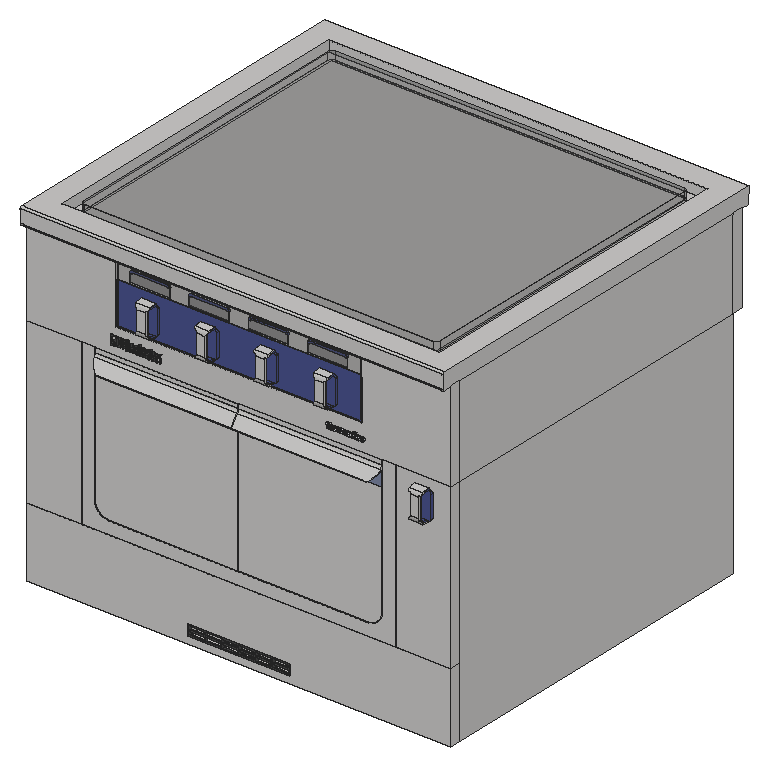
Revit family "QF_ELECTROLUXPROFESSIONAL_589674_MCIQFAJ4AO", category Attrezzature speciali, Revit 2020 (continued)
Definition of nested family "Front_Panel_W1000_4 Knobs"
  Definition of nested family "ELX_Professional_Logo_Small"
    Forms (mm)
      Extrusion 2, solid, material <- "Material_Logo"
        sketch origin (15.5, 0, 0) x (1, 0, 0) y (0, 1, 0)
          loop
            spline (-4.441, -1.243) -> (-4.659, -1.247) -> (-4.894, -1.23) -> (-5.137, -1.19) -> (-5.384, -1.121) -> (-5.628, -1.021) -> (-5.864, -0.884) -> (-6.084, -0.708) -> (-6.283, -0.488) -> (-6.454, -0.219) -> (-6.592, 0.101) -> (-6.69, 0.478) -> (-6.742, 0.914)
            line (-6.742, 0.914) -> (-6.742, 4.587) -> (-4.487, 4.587) -> (-4.487, 6.838) -> (-6.738, 6.838) -> (-6.738, 10.824) -> (-9.217, 10.824) -> (-9.217, 0.773)
            spline (-9.217, 0.773) -> (-9.164, 0.19) -> (-9.068, -0.358) -> (-8.928, -0.87) -> (-8.742, -1.343) -> (-8.511, -1.777) -> (-8.232, -2.168) -> (-7.904, -2.515) -> (-7.527, -2.816) -> (-7.098, -3.069) -> (-6.618, -3.273) -> (-6.084, -3.426) -> (-5.496, -3.525)
            line (-5.496, -3.525) -> (-4.45, -3.573) -> (-4.441, -1.243)
          loop
            spline (3.898, 6.983) -> (3.469, 7.009) -> (3.056, 7.001) -> (2.661, 6.961) -> (2.283, 6.888) -> (1.925, 6.785) -> (1.588, 6.652) -> (1.272, 6.49) -> (0.979, 6.301) -> (0.71, 6.085) -> (0.465, 5.844) -> (0.247, 5.578) -> (0.056, 5.289)
            line (0.056, 5.289) -> (0.056, 6.838) -> (-2.402, 6.838) -> (-2.402, -3.572) -> (0.056, -3.572) -> (0.056, 1.901)
            spline (0.056, 1.901) -> (0.079, 2.316) -> (0.145, 2.703) -> (0.254, 3.06) -> (0.404, 3.386) -> (0.592, 3.679) -> (0.818, 3.938) -> (1.08, 4.162) -> (1.375, 4.348) -> (1.703, 4.495) -> (2.062, 4.602) -> (2.45, 4.668) -> (2.865, 4.69)
            line (2.865, 4.69) -> (3.898, 4.586) -> (3.898, 6.983)
          loop
            spline (15.638, 1.633) -> (15.586, 2.396) -> (15.435, 3.124) -> (15.192, 3.81) -> (14.863, 4.449) -> (14.455, 5.034) -> (13.975, 5.56) -> (13.43, 6.021) -> (12.826, 6.411) -> (12.17, 6.724) -> (11.469, 6.955) -> (10.729, 7.098) -> (9.958, 7.147)
            spline (9.958, 7.147) -> (9.182, 7.098) -> (8.44, 6.955) -> (7.737, 6.724) -> (7.081, 6.411) -> (6.477, 6.021) -> (5.933, 5.56) -> (5.454, 5.034) -> (5.048, 4.449) -> (4.721, 3.81) -> (4.479, 3.124) -> (4.329, 2.396) -> (4.277, 1.633)
            spline (4.277, 1.633) -> (4.329, 0.869) -> (4.479, 0.141) -> (4.721, -0.544) -> (5.048, -1.183) -> (5.454, -1.768) -> (5.933, -2.294) -> (6.477, -2.755) -> (7.081, -3.145) -> (7.737, -3.459) -> (8.44, -3.69) -> (9.182, -3.833) -> (9.958, -3.882)
            spline (9.958, -3.882) -> (10.729, -3.833) -> (11.469, -3.69) -> (12.17, -3.459) -> (12.826, -3.145) -> (13.43, -2.755) -> (13.975, -2.294) -> (14.455, -1.768) -> (14.863, -1.183) -> (15.192, -0.544) -> (15.435, 0.141) -> (15.586, 0.869) -> (15.638, 1.633)
          loop
            spline (13.18, 1.633) -> (13.151, 2.083) -> (13.067, 2.513) -> (12.932, 2.918) -> (12.748, 3.296) -> (12.52, 3.642) -> (12.251, 3.954) -> (11.943, 4.227) -> (11.601, 4.459) -> (11.228, 4.645) -> (10.828, 4.782) -> (10.403, 4.867) -> (9.958, 4.896)
            spline (9.958, 4.896) -> (9.509, 4.867) -> (9.081, 4.782) -> (8.679, 4.645) -> (8.306, 4.459) -> (7.964, 4.227) -> (7.658, 3.954) -> (7.39, 3.642) -> (7.163, 3.296) -> (6.981, 2.918) -> (6.847, 2.513) -> (6.765, 2.083) -> (6.736, 1.633)
            spline (6.736, 1.633) -> (6.765, 1.182) -> (6.847, 0.753) -> (6.981, 0.347) -> (7.163, -0.031) -> (7.39, -0.377) -> (7.658, -0.689) -> (7.964, -0.962) -> (8.306, -1.193) -> (8.679, -1.38) -> (9.081, -1.517) -> (9.509, -1.602) -> (9.958, -1.631)
            spline (9.958, -1.631) -> (10.403, -1.602) -> (10.828, -1.517) -> (11.228, -1.38) -> (11.601, -1.193) -> (11.943, -0.962) -> (12.251, -0.689) -> (12.52, -0.377) -> (12.748, -0.031) -> (12.932, 0.347) -> (13.067, 0.753) -> (13.151, 1.182) -> (13.18, 1.633)
          loop
            line (17.162, 4.269) -> (17.162, -3.573) -> (19.642, -3.573) -> (19.642, 10.824) -> (17.162, 10.824) -> (17.162, 4.269)
          loop
            line (28.581, 6.838) -> (28.581, 0.786)
            spline (28.581, 0.786) -> (28.561, 0.393) -> (28.503, 0.038) -> (28.409, -0.279) -> (28.281, -0.559) -> (28.122, -0.802) -> (27.933, -1.011) -> (27.717, -1.185) -> (27.476, -1.325) -> (27.213, -1.433) -> (26.929, -1.509) -> (26.626, -1.554) -> (26.308, -1.569)
            spline (26.308, -1.569) -> (25.99, -1.554) -> (25.688, -1.509) -> (25.404, -1.434) -> (25.141, -1.326) -> (24.9, -1.187) -> (24.684, -1.014) -> (24.496, -0.807) -> (24.336, -0.565) -> (24.209, -0.288) -> (24.115, 0.026) -> (24.057, 0.376) -> (24.037, 0.765)
            line (24.037, 0.765) -> (24.037, 6.838) -> (21.537, 6.838) -> (21.537, 0.558)
            spline (21.537, 0.558) -> (21.581, -0.153) -> (21.71, -0.8) -> (21.916, -1.384) -> (22.195, -1.904) -> (22.54, -2.362) -> (22.944, -2.757) -> (23.403, -3.09) -> (23.909, -3.362) -> (24.456, -3.572) -> (25.04, -3.722) -> (25.652, -3.811) -> (26.288, -3.841)
            spline (26.288, -3.841) -> (26.929, -3.811) -> (27.547, -3.72) -> (28.135, -3.568) -> (28.687, -3.355) -> (29.197, -3.079) -> (29.66, -2.741) -> (30.068, -2.341) -> (30.415, -1.877) -> (30.696, -1.349) -> (30.905, -0.757) -> (31.034, -0.101) -> (31.079, 0.621)
            line (31.079, 0.621) -> (31.079, 6.838) -> (28.581, 6.838)
          loop
            line (40.457, -0.243) -> (38.894, 1.942) -> (40.83, 4.579) -> (42.488, 6.837) -> (39.782, 6.837) -> (37.53, 3.719) -> (35.258, 6.837) -> (32.573, 6.837) -> (34.113, 4.731) -> (36.167, 1.922) -> (34.014, -1.076) -> (32.222, -3.573) -> (34.887, -3.573) -> (37.53, 0.104) -> (40.174, -3.573) -> (42.839, -3.573) -> (40.457, -0.243)
          loop
            line (-46.121, -5.837) -> (-48.039, -5.837) -> (-48.039, -10.814) -> (-47.016, -10.814) -> (-47.016, -9.128) -> (-46.121, -9.128)
            arc (-46.121, -9.128) -> (-44.476, -7.482) -> (-46.121, -5.837) r 1.645
          loop
            line (-46.163, -6.778) -> (-47.016, -6.778) -> (-47.016, -8.187) -> (-46.163, -8.187)
            arc (-46.163, -8.187) -> (-45.458, -7.482) -> (-46.163, -6.778) r 0.704
          loop
            line (-38.313, -5.837) -> (-40.265, -5.837) -> (-40.265, -10.814) -> (-39.241, -10.814) -> (-39.241, -9.1) -> (-38.46, -9.182) -> (-37.48, -10.814) -> (-36.318, -10.814) -> (-37.513, -8.848)
            arc (-37.513, -8.848) -> (-36.888, -8.266) -> (-36.671, -7.441) r 1.536
            arc (-36.671, -7.441) -> (-37.165, -6.305) -> (-38.313, -5.837) r 1.643
          loop
            arc (-38.402, -8.166) -> (-37.707, -7.505) -> (-38.334, -6.778) r 0.696
            line (-38.334, -6.778) -> (-39.241, -6.778) -> (-39.241, -8.166) -> (-38.402, -8.166)
          loop
            circle (-29.965, -8.325) r 2.585
          loop
            circle (-29.965, -8.325) r 1.64
          loop
            line (-23.1, -5.837) -> (-23.1, -10.814) -> (-22.076, -10.814) -> (-22.076, -8.768) -> (-20.204, -8.768) -> (-20.204, -7.828) -> (-22.076, -7.828) -> (-22.076, -6.778) -> (-20.024, -6.778) -> (-20.024, -5.837) -> (-23.1, -5.837)
          loop
            line (-15.802, -5.837) -> (-15.802, -9.2)
            arc (-15.802, -9.2) -> (-15.343, -10.34) -> (-14.209, -10.814) r 1.593
            line (-14.209, -10.814) -> (-12.602, -10.814) -> (-12.602, -10.027) -> (-14.004, -10.027)
            arc (-14.004, -10.027) -> (-14.552, -9.8) -> (-14.779, -9.252) r 0.775
            line (-14.779, -9.252) -> (-14.779, -8.424) -> (-12.789, -8.424) -> (-12.789, -7.642) -> (-14.779, -7.642) -> (-14.779, -6.778) -> (-12.651, -6.778) -> (-12.651, -5.837) -> (-15.802, -5.837)
          loop
            line (-5.909, -7.143) -> (-5.173, -6.638)
            arc (-5.173, -6.638) -> (-5.855, -5.974) -> (-6.781, -5.755) r 1.782
            arc (-6.781, -5.755) -> (-7.397, -5.878) -> (-7.944, -6.189) r 1.974
            arc (-7.944, -6.189) -> (-8.202, -6.5) -> (-8.317, -6.888) r 1.013
            arc (-8.317, -6.888) -> (-8.306, -7.341) -> (-8.192, -7.78) r 1.985
            arc (-8.192, -7.78) -> (-7.749, -8.259) -> (-7.171, -8.563) r 1.928
            arc (-7.171, -8.563) -> (-6.637, -8.779) -> (-6.131, -9.056) r 5.041
            arc (-6.131, -9.056) -> (-5.934, -9.387) -> (-6.09, -9.74) r 0.42
            arc (-6.09, -9.74) -> (-6.631, -9.96) -> (-7.204, -9.845) r 1.016
            arc (-7.204, -9.845) -> (-7.625, -9.603) -> (-7.889, -9.196) r 1.033
            line (-7.889, -9.196) -> (-8.67, -9.686)
            arc (-8.67, -9.686) -> (-8.361, -10.198) -> (-7.908, -10.589) r 1.914
            arc (-7.908, -10.589) -> (-7.334, -10.834) -> (-6.714, -10.896) r 2.063
            arc (-6.714, -10.896) -> (-5.947, -10.743) -> (-5.256, -10.376) r 2.696
            arc (-5.256, -10.376) -> (-4.95, -9.565) -> (-5.108, -8.712) r 1.618
            arc (-5.108, -8.712) -> (-5.448, -8.319) -> (-5.884, -8.035) r 1.876
            arc (-5.884, -8.035) -> (-6.434, -7.789) -> (-6.999, -7.577) r 9.883
            arc (-6.999, -7.577) -> (-7.325, -7.07) -> (-6.854, -6.694) r 0.45
            arc (-6.854, -6.694) -> (-6.329, -6.809) -> (-5.909, -7.143) r 1.197
          loop
            line (1.61, -7.143) -> (2.345, -6.638)
            arc (2.345, -6.638) -> (1.663, -5.974) -> (0.737, -5.755) r 1.782
            arc (0.737, -5.755) -> (0.121, -5.878) -> (-0.425, -6.189) r 1.974
            arc (-0.425, -6.189) -> (-0.683, -6.5) -> (-0.799, -6.888) r 1.013
            arc (-0.799, -6.888) -> (-0.788, -7.341) -> (-0.674, -7.78) r 1.985
            arc (-0.674, -7.78) -> (-0.231, -8.259) -> (0.347, -8.563) r 1.928
            arc (0.347, -8.563) -> (0.881, -8.779) -> (1.387, -9.056) r 5.041
            arc (1.387, -9.056) -> (1.584, -9.387) -> (1.428, -9.74) r 0.42
            arc (1.428, -9.74) -> (0.887, -9.96) -> (0.314, -9.845) r 1.016
            arc (0.314, -9.845) -> (-0.107, -9.603) -> (-0.371, -9.196) r 1.033
            line (-0.371, -9.196) -> (-1.152, -9.686)
            arc (-1.152, -9.686) -> (-0.842, -10.198) -> (-0.39, -10.589) r 1.914
            arc (-0.39, -10.589) -> (0.184, -10.834) -> (0.804, -10.896) r 2.063
            arc (0.804, -10.896) -> (1.572, -10.743) -> (2.263, -10.376) r 2.696
            arc (2.263, -10.376) -> (2.568, -9.565) -> (2.411, -8.712) r 1.618
            arc (2.411, -8.712) -> (2.07, -8.319) -> (1.635, -8.035) r 1.876
            arc (1.635, -8.035) -> (1.084, -7.789) -> (0.519, -7.577) r 9.883
            arc (0.519, -7.577) -> (0.193, -7.07) -> (0.665, -6.694) r 0.45
            arc (0.665, -6.694) -> (1.189, -6.809) -> (1.61, -7.143) r 1.197
          loop
            line (6.801, -5.837) -> (6.801, -10.814) -> (7.825, -10.814) -> (7.825, -5.837) -> (6.801, -5.837)
          loop
            circle (14.724, -8.325) r 1.548
          loop
            circle (14.724, -8.325) r 2.585
          loop
            line (21.59, -10.814) -> (22.623, -10.814) -> (22.623, -7.685) -> (24.9, -10.814) -> (25.895, -10.814) -> (25.895, -5.837) -> (24.861, -5.837) -> (24.861, -9.061) -> (22.585, -5.837) -> (21.59, -5.837) -> (21.59, -10.814)
          loop
            line (31.054, -10.814) -> (31.539, -9.74) -> (33.38, -9.74) -> (33.865, -10.814) -> (34.965, -10.814) -> (32.46, -5.837) -> (29.956, -10.814) -> (31.054, -10.814)
          loop
            line (32.46, -7.698) -> (31.999, -8.719) -> (32.921, -8.719) -> (32.46, -7.698)
          loop
            line (40.047, -9.873) -> (40.047, -5.837) -> (39.024, -5.837) -> (39.024, -10.814) -> (41.961, -10.814) -> (41.961, -9.873) -> (40.047, -9.873)
          loop
            line (-74.986, -10.814) -> (-53.322, -10.814) -> (-53.322, 10.82) -> (-74.986, 10.82) -> (-74.986, -10.814)
          loop
            line (-61.261, 9.758) -> (-61.261, -9.707)
            arc (-61.261, -9.707) -> (-54.066, 0.025) -> (-61.261, 9.758) r 10.18
          loop
            line (-62.251, 8.349) -> (-62.251, 9.758)
            arc (-62.251, 9.758) -> (-70.347, 7.918) -> (-74.247, 0.59) r 9.976
            line (-74.247, 0.59) -> (-71.026, 0.59)
            arc (-71.026, 0.59) -> (-65.274, 2.925) -> (-62.251, 8.349) r 9.351
          loop
            arc (-74.247, -0.539) -> (-70.353, -7.928) -> (-62.251, -9.957) r 10.237
            line (-62.251, -9.957) -> (-62.251, -8.298)
            arc (-62.251, -8.298) -> (-65.274, -2.874) -> (-71.026, -0.539) r 9.351
            line (-71.026, -0.539) -> (-74.247, -0.539)
        from 0 to 1.644
    Dimensions and locks
      aligned and locked: plane 2 to Extrusion 1
      aligned and locked: level to Extrusion 1
Definition of nested family "H450H2W1000_2DOOR"
  Parameters
    Width [instance] = 680 mm
    Wdoor [instance] = Width / 2  # 340 mm
    Show Clearance [instance] = yes
    Model = "727995"
    Height = 450 mm
    Default Elevation = 0 mm
  Reference planes
    plane 1 "Center (Front/Back)": y = 0
    plane 2: z = 0
    plane 3 "Center (Left/Right)": x = 36.042
    plane 4 "panel": z = 25
    plane 5: x = -303.958
    plane 6: x = 376.042
    plane 7: y = 450
    plane 8: z = 340
    plane 9: z = 45
  Forms (mm)
    Extrusion 1, solid
      sketch origin (0, -919.2, 0) x (1, 0, 0) y (0, 1, 0)
        loop
          line (-980.5, 2119.2) -> (-980.5, -162.846) -> (881.94, -162.846) -> (881.94, 2119.2) -> (-980.5, 2119.2)
      from 0 to -59.546
    Extrusion 2, solid
      sketch origin (0, 0, 0) x (1, 0, 0) y (0, 1, 0)
        loop
          line (374.042, 393) -> (37.042, 393) -> (37.042, 97) -> (344.042, 97)
          arc (344.042, 97) -> (365.255, 105.787) -> (374.042, 127) r 30
          line (374.042, 127) -> (374.042, 393)
        loop
          arc (-301.958, 127) -> (-293.171, 105.787) -> (-271.958, 97) r 30
          line (-271.958, 97) -> (35.042, 97) -> (35.042, 393) -> (-301.958, 393) -> (-301.958, 127)
      from 0 to 25
    Extrusion 3, solid
      sketch origin (0, 0, 0) x (1, 0, 0) y (0, 1, 0)
        loop
          line (-301.958, 393) -> (35.042, 393) -> (35.042, 440) -> (-301.958, 440) -> (-301.958, 393)
        loop
          line (37.042, 440) -> (37.042, 393) -> (374.042, 393) -> (374.042, 440) -> (37.042, 440)
      from 0 to 25
    Extrusion 4, solid
      sketch origin (5.581, 79.805, 0) x (1, 0, 0) y (0, 1, 0)
        loop
          line (-307.539, 360.195) -> (29.461, 360.195) -> (29.461, 370.195) -> (-307.539, 370.195) -> (-307.539, 360.195)
        loop
          line (31.461, 370.195) -> (31.461, 360.195) -> (368.461, 360.195) -> (368.461, 370.195) -> (31.461, 370.195)
      from 0 to 25
    Extrusion 5, solid
      sketch origin (36.042, 0, 0) x (0, 1, 0) y (0, 0, 1)
        loop
          line (426.693, 25) -> (440.02, 25)
          arc (440.02, 25) -> (435.261, 25.775) -> (430.993, 28.02) r 15
          line (430.993, 28.02) -> (406.653, 46.362) -> (403.644, 42.369) -> (426.693, 25)
      from 1 to 338
    Extrusion 6, solid
      sketch origin (36.042, 0, 0) x (0, 1, 0) y (0, 0, 1)
        loop
          line (426.693, 25) -> (440.02, 25)
          arc (440.02, 25) -> (435.261, 25.775) -> (430.993, 28.02) r 15
          line (430.993, 28.02) -> (406.653, 46.362) -> (403.644, 42.369) -> (426.693, 25)
      from -338 to -1
    Extrusion 7, void
      sketch origin (0, 0, 0) x (1, 0, 0) y (0, 1, 0)
        loop
          arc (374.042, 426.693) -> (364.508, 412.772) -> (350.317, 403.644) r 42.603
          line (350.317, 403.644) -> (374.042, 403.644) -> (374.042, 426.693)
      from 0 to 47.9
    Extrusion 8, void
      sketch origin (72.084, 0, 0) x (-1, 0, 0) y (0, -1, 0)
        loop
          line (374.042, -426.693) -> (374.042, -403.644) -> (350.317, -403.644)
          arc (350.317, -403.644) -> (364.508, -412.772) -> (374.042, -426.693) r 42.603
      from 0 to 47.9
    Extrusion 9, solid, detail levels coarse
      sketch origin (0, 0, 0) x (1, 0, 0) y (0, 0, 1)
        loop
          arc (36.231, 25) -> (-56.085, 247.873) -> (-278.958, 340.189) r 315.189
          line (-278.958, 340.189) -> (-278.958, 25) -> (36.231, 25)
      from -450 to -97
    Extrusion 10, solid, detail levels coarse
      sketch origin (0, 0, 0) x (1, 0, 0) y (0, 0, 1)
        loop
          arc (351.042, 340) -> (128.303, 247.739) -> (36.042, 25) r 315
          line (36.042, 25) -> (351.042, 25) -> (351.042, 340)
      from -450 to -97
  Cuts and joins
    Extrusion 8 cuts Extrusion 6
    Extrusion 7 cuts Extrusion 5
  Lines and regions (mm)
    symbolic lines
      curve 1: line (376.042, 0, 45) -> (376.042, 0, 340)
      curve 2: line (351.042, 0, 45) -> (351.042, 0, 340)
      curve 3: line (376.042, 0, 340) -> (351.042, 0, 340)
      curve 4: line (-303.958, 0, 45) -> (-303.958, 0, 340)
      curve 5: line (-278.958, 0, 45) -> (-278.958, 0, 340)
      curve 6: line (-303.958, 0, 340) -> (-278.958, 0, 340)
      curve 7: arc (351.042, 0, 340) -> (135.522, 0, 254.731) -> (36.683, 0, 45.088) r 315
      curve 8: arc (35.407, 0, 44.997) -> (-63.405, 0, 254.7) -> (-278.958, 0, 340) r 315
  Dimensions and locks
    plane 4 "panel" to level = 25 mm
    "Width": plane 5 to plane 6
    equal spacing: plane 5, plane 3 "Center (Left/Right)", plane 6
    "Height": plane 1 "Center (Front/Back)" to plane 7
    locked: plane 5 to Extrusion 2 sketch curve at 2
    locked: Extrusion 2 sketch curve to plane 6 at 2
    locked: plane 1 "Center (Front/Back)" to Extrusion 2 sketch curve at 97
    locked: plane 7 to Extrusion 2 sketch curve at 57
    locked: Extrusion 2 sketch curve to plane 3 "Center (Left/Right)" at 1
    locked: plane 3 "Center (Left/Right)" to Extrusion 2 sketch curve at 1
    Extrusion 3 sketch curve to Extrusion 2 = 47 mm
    "Wdoor": plane 8 to level
    locked: curve 2 to curve 1 at 25
    locked: curve 5 to curve 4 at 25
    plane 4 "panel" to plane 9 = 20 mm
    aligned and locked: plane 2 to Extrusion 1
    aligned and locked: level to Extrusion 1
    aligned and locked: plane 4 "panel" to Extrusion 2
    aligned and locked: Extrusion 2 to Extrusion 3 sketch curve
    aligned and locked: Extrusion 3 sketch curve to Extrusion 2  (x2)
    aligned and locked: Extrusion 3 sketch curve to Extrusion 3 sketch curve
    aligned and locked: plane 4 "panel" to Extrusion 3
    aligned and locked: Extrusion 4 sketch curve to Extrusion 4 sketch curve
    aligned and locked: Extrusion 4 sketch curve to Extrusion 3  (x3)
    aligned and locked: Extrusion 3 to Extrusion 4 sketch curve
    aligned and locked: Extrusion 4 sketch curve to plane 7
    aligned and locked: Extrusion 3 to Extrusion 5
    aligned and locked: Extrusion 5 to Extrusion 3
    aligned and locked: Extrusion 6 to Extrusion 3
    aligned and locked: Extrusion 3 to Extrusion 6
    aligned and locked: Extrusion 7 sketch curve to Extrusion 5
    aligned and locked: Extrusion 8 to Extrusion 6
    aligned and locked: Extrusion 4 to Extrusion 8
    aligned and locked: Extrusion 2 to Extrusion 7
    aligned and locked: Extrusion 7 to Extrusion 5
    aligned and locked: Extrusion 4 to Extrusion 3  (x2)
    aligned and locked: Extrusion 3 to Extrusion 2
    aligned and locked: Extrusion 4 to Extrusion 2
    aligned and locked: curve 3 to plane 8
    aligned and locked: curve 1 to plane 6
    aligned and locked: curve 4 to plane 5
    aligned and locked: Extrusion 9 sketch curve to plane 4 "panel"
    aligned and locked: Extrusion 10 sketch curve to curve 7
    aligned and locked: Extrusion 10 sketch curve to curve 2
    aligned and locked: Extrusion 2 to Extrusion 9
    aligned and locked: Extrusion 2 to Extrusion 10
    aligned and locked: plane 7 to Extrusion 9
    aligned and locked: Extrusion 3 to Extrusion 4
  Automatic sketch dimensions
    Extrusion 1 sketch curve to Extrusion 1 sketch curve = 1862.44 mm
    Extrusion 1 sketch curve to Extrusion 1 sketch curve = 2282.046 mm
    Extrusion 2 sketch curve to Extrusion 2 sketch curve = 30 mm  (x2)
    Extrusion 2 sketch curve to plane 1 "Center (Front/Back)" = 97 mm
    Extrusion 2 sketch curve to Extrusion 2 sketch curve = 0 mm
    Extrusion 3 sketch curve to plane 3 "Center (Left/Right)" = 1 mm
    plane 5 to Extrusion 3 sketch curve = 2 mm
    Extrusion 3 sketch curve to Extrusion 3 sketch curve = 0 mm
    Extrusion 5 sketch curve to plane 4 "panel" = 0 mm
    plane 4 "panel" to Extrusion 5 sketch curve = 17.369 mm
    Extrusion 5 sketch curve to plane 7 = 46.356 mm
    plane 4 "panel" to Extrusion 5 sketch curve = 21.362 mm
    Extrusion 5 sketch curve to Extrusion 5 sketch curve = 3.009 mm
    plane 4 "panel" to Extrusion 5 sketch curve = 3.02 mm
    Extrusion 5 sketch curve to Extrusion 5 sketch curve = 9.027 mm
    Extrusion 6 sketch curve to plane 4 "panel" = 0 mm
    plane 4 "panel" to Extrusion 6 sketch curve = 17.369 mm
    Extrusion 6 sketch curve to plane 7 = 46.356 mm
    plane 4 "panel" to Extrusion 6 sketch curve = 21.362 mm
    Extrusion 6 sketch curve to Extrusion 6 sketch curve = 3.009 mm
    plane 4 "panel" to Extrusion 6 sketch curve = 3.02 mm
    Extrusion 6 sketch curve to Extrusion 6 sketch curve = 9.027 mm
    Extrusion 7 sketch curve to Extrusion 7 sketch curve = 23.725 mm
    Extrusion 7 sketch curve to plane 7 = 6.671 mm
    Extrusion 7 sketch curve to plane 6 = 41.221 mm
    Extrusion 7 sketch curve to plane 7 = 23.307 mm
    plane 7 to Extrusion 8 sketch curve = 6.671 mm
    Extrusion 8 sketch curve to plane 5 = 41.221 mm
    Extrusion 8 sketch curve to plane 5 = 25.725 mm
    Extrusion 8 sketch curve to plane 5 = 2 mm
    plane 7 to Extrusion 8 sketch curve = 23.307 mm
    Extrusion 4 sketch curve to Extrusion 4 sketch curve = 10 mm
    Extrusion 4 sketch curve to plane 7 = 10 mm
    curve 2 to plane 9 = 0 mm
    curve 5 to plane 9 = 0 mm
    curve 4 to plane 9 = 0 mm
    curve 1 to plane 9 = 0 mm
    curve 8 to plane 4 "panel" = 0 mm
    curve 5 to plane 8 = 0 mm
    curve 8 to plane 9 = 0.003 mm
    curve 7 to plane 4 "panel" = 0 mm
    plane 9 to curve 7 = 0.088 mm
    plane 5 to Extrusion 9 sketch curve = 25 mm
    plane 3 "Center (Left/Right)" to Extrusion 9 sketch curve = 0.189 mm
